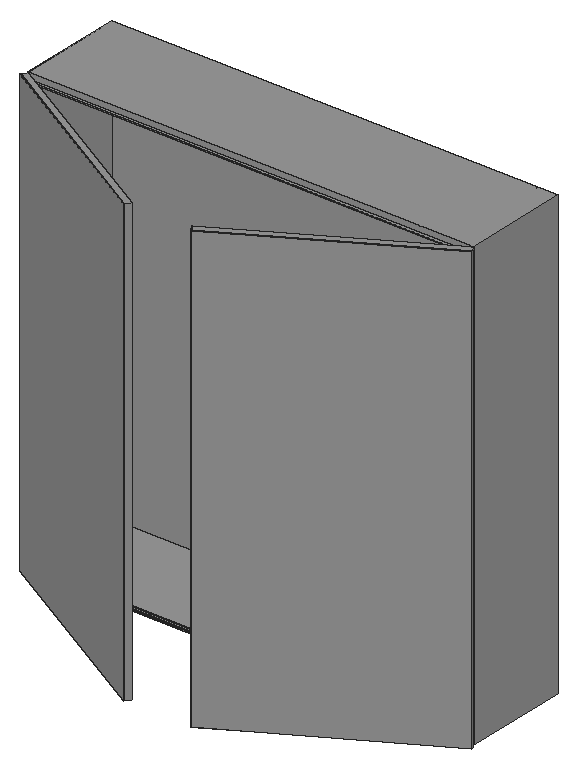
Revit family "Hager-Orion_Inox-IP55-D300-Cl.I-Inox_encl-630A-1200mm-NoHosted-CH-fr", category Equipement électrique, Revit 2020
Family settings
  Configuration du panneau = Deux colonnes, circuits au sein
  Cote de connecteur circulaire = Utiliser le diamètre
  Type d'élément = Tableau de raccordement
  Basée sur le plan de construction = Oui
  Toujours verticalement = Oui
  Couper avec des vides une fois chargée = Non
  Partagée = Non
  Point de calcul de pièce = Non
Parameters (values of type "saillie IP55 L1200 H1200 P300  - FL060BWL")
  Width Control [instance] = if([EF000008 - largeur] > Min Width, [EF000008 - largeur], Min Width)  # 1200 mm
  Commentaires du type = [HG000003 - Gamme]  # "Orion Inox"
  Thickness Door [instance] = if([EF009171 - épaisseur de matériau de la porte/du couvercle] > 3 mm, 3 mm, [EF009171 - épaisseur de matériau de la porte/du couvercle])  # 1.5 mm
  Seal Frame Offset [instance] = 17 mm  # constant formula
  Min Width [instance] = 100 mm  # constant formula
  Min Depth [instance] = (2 * [EF009170 - épaisseur de matériau du boîtier]) + 1 mm  # 4 mm
  Min Height [instance] = 100 mm  # constant formula
  Internal Frame Depth [instance] = -(Door System Depth * 0.5)  # -9 mm
  Panel Name [instance] = ""  # (empty or 0)
  Model = ""
  HG000027 - Hauteur du socle = 0 mm
  HG000026 - Installation au sol = no
  HG000024 - Hauteur de la section basse = 600 mm
  HG000023 - Armoire double section = no
  HG000016 - Visibilité de la porte 3D [instance] = yes
  HG000015 - Visibilité de l'emprise de la porte [instance] = no
  HG000014 - Porte à droite [instance] = yes
  HG000013 - Porte à gauche [instance] = not([HG000014 - Porte à droite])  # no
  HG000012 - Angle de pivotement de la porte [instance] = 30.00°
  HG000010 - Portes asymétriques = no
  HG000009 - Porte à double battant = yes
  HG000006 - Encastré = no
  HG000004 - Référence fabricant = "FL060BWL"
  HG000003 - Gamme = "Orion Inox"
  HG000002 - avec porte = yes
  Frame Offset Bottom [instance] = 10 mm  # constant formula
  Frame Offset [instance] = 15 mm  # constant formula
  EF015940 - couvercle avec décharge de pression = no
  EF011959 - degré de protection (NEMA) = ""
  EF009554 - nombre d'ouvertures pour plaques à bride = 0
  EF009212 - finition du couvercle = "EV000116 - fermé"
  EF009171 - épaisseur de matériau de la porte/du couvercle = 1.5 mm
  EF009170 - épaisseur de matériau du boîtier = 1.5 mm
  EF008873 - courant nominal (In) = 630 A
  EF007800 - adapté à un parafoudre = no
  EF006306 - avec serrure = yes
  EF006244 - couvercle/porte transparent(e) = no
  EF005474 - indice de protection (IP) = "EV006420 - IP55"
  EF004464 - type de porte = "EV003602 - double"
  EF004427 - nombre de modules = 0
  EF004293 - indice de protection contre les chocs (IK) = "EV008784 - IK10"
  EF003532 - convient pour utilisation à l’extérieur = yes
  EF002950 - largeur en nombre de modules = 0
  EF001613 - maintien de fonction = "EV000494 - sans"
  EF001596 - matériau du boîtier/corps = "EV000166 - acier inoxydable"
  EF001131 - profondeur intérieure = 266 mm
  EF001088 - possibilité de montage en saillie = yes
  EF000437 - nombre d'entrées de conduit = 0
  EF000339 - type de capot = "EV004216 - porte"
  EF000266 - nombre de rangées = 0
  EF000218 - profondeur d'encastrement = 0 mm
  EF000118 - avec cadre/support de montage = no
  EF000116 - numéro RAL = ""
  EF000049 - profondeur = 300 mm
  EF000040 - hauteur = 1200 mm
  EF000008 - largeur = 1200 mm
  EF000007 - couleur = "EV000154 - autre"
  EF000003 - mode de pose = "EV000384 - saillie"
  Door System Leaf Tolerance [instance] = 1.5 mm  # constant formula
  Door System Depth [instance] = 18 mm  # constant formula
  Description = ""
  Default Elevation = 1219.2 mm
  Connector Offset [instance] = Height Control / 2  # 600 mm
  Fabricant = "Hager"  # constant formula
  Height Control [instance] = if([EF000040 - hauteur] > Min Height, [EF000040 - hauteur], Min Height)  # 1200 mm
  Depth Control [instance] = if([EF000049 - profondeur] > Min Depth, [EF000049 - profondeur], Min Depth)  # 300 mm
Types (4, lengths in mm): name | Width Control | HG000004 - Référence fabricant | EF000008 - largeur
  saillie IP55 L1000 H1200 P300  - FL058BW | 1000 | "FL058BW" | 1000
  saillie IP55 L1000 H1200 P300  - FL058BWL | 1000 | "FL058BWL" | 1000
  saillie IP55 L1200 H1200 P300  - FL060BW | 1200 | "FL060BW" | 1200
  saillie IP55 L1200 H1200 P300  - FL060BWL | 1200 | "FL060BWL" | 1200
Reference planes
  plane 1 "Center (Front/Back)": y = 0
  plane 2: z = 0
  plane 3 "Center (Left/Right)": x = 0
  plane 4: y = 0
  plane 5: y = 0
  plane 6: z = 0
  plane 7: x = -600
  plane 8: x = 600
  plane 9: x = 598.5
  plane 10: x = -598.5
  plane 11: z = 0
  plane 12: z = 1.5
  plane 13: y = -300
  plane 14: y = -1.5
  plane 15: x = 0
  plane 16: y = -282
  plane 17: y = -298.5
  plane 18: y = -280.5
  plane 19: x = -583.5
  plane 20: x = 583.5
  plane 21: z = 11.5
  plane 22: x = -583
  plane 23: x = 583
  plane 24: z = 0
  plane 25: z = 1200
  plane 26: z = 1200
  plane 27: z = 1183.5
  plane 28: z = 1198.5
Forms (mm)
  Extrusion 1, solid, material "Hager_Stainless_Steel", detail levels medium+fine
    sketch origin (-208.679, -4572, 0) x (-1, 0, 0) y (0, -1, 0)
      loop
        line (391.321, -4290) -> (-808.679, -4290) -> (-808.679, -4572) -> (391.321, -4572) -> (391.321, -4290)
    from 0 to 1200
  Extrusion 2, void
    sketch origin (-350.771, -300, 1219.2) x (1, 0, 0) y (0, 0, 1)
      loop
        line (-247.729, -20.7) -> (-247.729, -1217.7) -> (949.271, -1217.7) -> (949.271, -20.7) -> (-247.729, -20.7)
    from -19.5 to -298.5
  Extrusion 3, void
    sketch origin (-290.084, -282, 1219.2) x (1, 0, 0) y (0, 0, 1)
      loop
        line (-293.416, -1207.7) -> (873.584, -1207.7) -> (873.584, -35.7) -> (-293.416, -35.7) -> (-293.416, -1207.7)
    from 0 to -1.5
  Extrusion 4, solid, material "Hager_Stainless_Steel", detail levels fine
    sketch origin (-290.084, -282, 1219.2) x (-1, 0, 0) y (0, 0, 1)
      loop
        line (-873.584, -1207.7) -> (293.416, -1207.7) -> (293.416, -35.7) -> (-873.584, -35.7) -> (-873.584, -1207.7)
      loop
        line (-875.084, -1209.2) -> (294.916, -1209.2) -> (294.916, -34.2) -> (-875.084, -34.2) -> (-875.084, -1209.2)
    from 0 to -9 <- "Internal Frame Depth"
  Extrusion 5, solid, material "Hager_Stainless_Steel", detail levels coarse
    sketch origin (0, 0, 0) x (1, 0, 0) y (0, 1, 0)
      loop
        line (-600, 0) -> (-600, -300) -> (600, -300) -> (600, 0) -> (-600, 0)
    from 0 to 1200 <- "Height Control"
Cuts and joins
  Extrusion 2, Extrusion 3 cuts Extrusion 1
Lines and regions (mm)
  Masking region 1
    outline origin (0, 0, 0) x (1, 0, 0) y (0, 1, 0)
      loop
        line (-600, 0) -> (-600, -300) -> (600, -300) -> (600, 0) -> (-600, 0)
  Masking region 2
    outline origin (-290.084, -282, 1219.2) x (-1, 0, 0) y (0, 0, 1)
      loop
        line (-890.084, -1219.2) -> (309.916, -1219.2) -> (309.916, -19.2) -> (-890.084, -19.2) -> (-890.084, -1219.2)
  Masking region 3, detail levels coarse
    outline origin (0, 0, 0) x (0, 1, 0) y (0, 0, 1)
      loop
        line (0, 0) -> (0, 1200) -> (-300, 1200) -> (-300, 0) -> (0, 0)
  Masking region 4, detail levels medium+fine
    outline origin (0, 0, 594.038) x (0, 1, 0) y (0, 0, 1)
      loop
        line (0, -594.038) -> (0, 605.962) -> (-282, 605.962) -> (-282, -594.038) -> (0, -594.038)
Dimensions and locks
  locked: plane 1 "Center (Front/Back)" to plane 5
  "EF009170 - épaisseur de matériau du boîtier": plane 7 to plane 10
  "EF009170 - épaisseur de matériau du boîtier": plane 8 to plane 9
  equal spacing: plane 7, plane 3 "Center (Left/Right)", plane 8
  "Width Control": plane 7 to plane 8
  "Depth Control": plane 4 to plane 13
  "EF009170 - épaisseur de matériau du boîtier": plane 4 to plane 14
  "Height Control": plane 25 to level
  "EF009170 - épaisseur de matériau du boîtier": plane 12 to plane 11
  "EF009170 - épaisseur de matériau du boîtier": plane 17 to plane 13
  "EF009170 - épaisseur de matériau du boîtier": plane 18 to plane 16
  "Frame Offset Bottom": plane 21 to plane 12
  "Frame Offset": plane 10 to plane 19
  "Frame Offset": plane 9 to plane 20
  "Door System Depth": plane 16 to plane 13
  "Seal Frame Offset": plane 7 to plane 22
  "Seal Frame Offset": plane 8 to plane 23
  "EF009170 - épaisseur de matériau du boîtier": plane 26 to plane 28
  "Frame Offset": plane 28 to plane 27
  "Connector Offset": plane 2 to connector elem
  "Thickness Door": cut or joined group of Extrusion 1, Extrusion 2, Extrusion 3 to Extrusion 4 sketch curve
  "Thickness Door": Extrusion 4 sketch curve to plane 19
  "Thickness Door": Extrusion 4 sketch curve to plane 20
  "Thickness Door": Extrusion 4 sketch curve to plane 27
  aligned and locked: Extrusion 2 sketch curve to plane 12
  aligned and locked: Extrusion 2 sketch curve to plane 9
  aligned and locked: Extrusion 2 sketch curve to plane 10
  aligned and locked: Extrusion 2 to plane 14
  aligned and locked: Extrusion 1 sketch curve to plane 4
  aligned and locked: plane 8 to Extrusion 1 sketch curve
  aligned and locked: plane 7 to Extrusion 1 sketch curve
  aligned and locked: Extrusion 2 to plane 18
  aligned and locked: Extrusion 3 sketch curve to plane 19
  aligned and locked: plane 20 to Extrusion 3 sketch curve
  aligned and locked: Extrusion 3 to Extrusion 2
  aligned and locked: Extrusion 3 sketch curve to plane 21
  aligned and locked: plane 3 "Center (Left/Right)" to nested 1
  aligned and locked: Extrusion 1 sketch curve to plane 16
  aligned and locked: Masking region 1 sketch curve to plane 7
  aligned and locked: Masking region 1 sketch curve to plane 5
  aligned and locked: Masking region 1 sketch curve to plane 8
  aligned and locked: Masking region 2 sketch curve to level
  aligned and locked: level to Masking region 3 sketch curve
  aligned and locked: plane 1 "Center (Front/Back)" to Masking region 3 sketch curve
  aligned and locked: plane 13 to Masking region 3 sketch curve
  aligned and locked: Masking region 2 sketch curve to plane 8
  aligned and locked: Masking region 2 sketch curve to plane 7
  aligned and locked: plane 7 to nested 2
  aligned and locked: nested 2 to plane 5
  aligned and locked: plane 5 to Masking region 4 sketch curve
  aligned and locked: plane 26 to Masking region 4 sketch curve
  aligned and locked: Extrusion 5 sketch curve to plane 8
  aligned and locked: Extrusion 5 sketch curve to plane 7
  aligned and locked: Extrusion 5 sketch curve to plane 5
  aligned and locked: Extrusion 3 sketch curve to plane 27
  aligned and locked: Extrusion 2 sketch curve to plane 28
  aligned and locked: Extrusion 4 sketch curve to plane 27
  aligned and locked: Extrusion 4 sketch curve to plane 20
  aligned and locked: Extrusion 4 sketch curve to plane 21
  aligned and locked: Extrusion 4 sketch curve to plane 19
  aligned and locked: Masking region 2 to plane 25
  aligned and locked: Masking region 4 sketch curve to plane 24
  aligned and locked: Masking region 1 to plane 13
  aligned and locked: nested 1 to plane 16
  aligned and locked: Masking region 3 to plane 25
  aligned and locked: Masking region 4 sketch curve to plane 16
  aligned and locked: plane 24 to plane 11
  aligned and locked: plane 26 to plane 25
  aligned and locked: level to plane 24
  aligned and locked: Extrusion 1 to Masking region 3
  aligned and locked: level to nested 1
Automatic sketch dimensions
  Extrusion 5 sketch curve to plane 13 = 0 mm
  plane 27 to Masking region 2 sketch curve = 16.5 mm
  plane 27 to Masking region 3 sketch curve = 16.5 mm
  Masking region 1 sketch curve to plane 13 = 0 mm
  Extrusion 3 sketch curve to plane 21 = 0 mm
  plane 19 to Extrusion 3 sketch curve = 0 mm
  Extrusion 3 sketch curve to plane 20 = 0 mm
Nested families
  nested 1: "EC000058_OrionInox_Door" at (0, -282, 0), Double <- "HG000009 - Porte à double battant", Transparent <- "EF006244 - couvercle/porte transparent(e)", Angle <- "HG000012 - Angle de pivotement de la porte", Door_Right <- "HG000014 - Porte à droite", Assymetrical <- "HG000010 - Portes asymétriques", Door <- "HG000002 - avec porte", Width_Ctrl <- "Width Control", 3d_Door <- "HG000016 - Visibilité de la porte 3D", Clearance <- "HG000015 - Visibilité de l'emprise de la porte", Door_Left <- "HG000013 - Porte à gauche", Width <- "Width Control", Door_Depth <- "Door System Depth", Leaf_Tolerance <- "Door System Leaf Tolerance", Height <- "Height Control", Thickness <- "Thickness Door", type "EC000058_OrionInox_Door", detail levels medium+fine
    with min_wh 4 mm, Width_Ctrl 1200 mm, Width 1200 mm, Transparent no, Thickness 1.5 mm, Seal_Material Hager_Rubber, Leaf_Width 1200 mm, Leaf_Tolerance_External_Sides 0 mm, Leaf_Tolerance 1.5 mm, Leaf_Offset 0 mm, Leaf_Height 1197 mm, Leaf_2_Width 598.5 mm, Leaf_2_Offset 300 mm, Leaf_1_Width 598.5 mm, Leaf_1_Offset 300 mm, Height_Ctrl 1200 mm, Height 1200 mm, Glass_Material Hager_Glass, Double_Clearance_Ctrl no, Double yes, Door_Right_Ctrl yes, Door_Right yes, Door_Material Hager_Stainless_Steel, Door_Left_Ctrl yes, Door_Left no, Door_Depth 18 mm, Door yes, Clearance_Material Hager_Clearance, Clearance_Depth 598.5 mm, Clearance_Ctrl no, Clearance no, Assymetrical no, Angle 30.00°, 3d_Door yes
  nested 2: "Hager_Enclosure_Symbol" at (-600, 0, 0), Height <- "Depth Control", Width <- "Width Control", type "Hager_Enclosure_Symbol"
    with Width_Ctrl 1200 mm, Width 1200 mm, Height_Ctrl 300 mm, Height 300 mm, A_Width_Int 19.688 mm, A_Width 236.25 mm, A_Height_Ctrl 262.5 mm, A_Height 262.5 mm
Connectors
  electrical at (0, 0, 600)
    settings: on plane 1 "Center (Front/Back)", index 1, voltage 0 V, apparent load 0 VA, apparent load phase1 0 VA, apparent load phase2 0 VA, apparent load phase3 0 VA, power factor 1, load classification "Other", number of poles 1, system type 30, power factor state 1, is connector primary yes, connector utility no, sub classification motor no, connector description ""
Definition of nested family "EC000058_OrionInox_Door"
  Parameters (values of type "EC000058_OrionInox_Door")
    min_wh [instance] = (2 * Thickness) + 1 mm  # 11 mm
    Width_Ctrl [instance] = 400 mm
    Width [instance] = 500 mm
    Transparent [instance] = yes
    Thickness [instance] = 5 mm
    Seal_Material [instance] = none
    Leaf_Width [instance] = if((Width_Ctrl - 2 * Leaf_Tolerance_External_Sides) > 0 mm, (Width_Ctrl - 2 * Leaf_Tolerance_External_Sides), min_wh)  # 400 mm
    Leaf_Tolerance_External_Sides [instance] = 0 mm  # constant formula
    Leaf_Tolerance [instance] = 1.5 mm
    Leaf_Offset [instance] = 0 mm  # constant formula
    Leaf_Height [instance] = if((Height_Ctrl - 2 * Leaf_Tolerance) > 0 mm, (Height_Ctrl - 2 * Leaf_Tolerance), min_wh)  # 497 mm
    Leaf_2_Width [instance] = if(and(and(Double, Assymetrical), Door_Left), (Leaf_Width / 3) - (Leaf_Tolerance / 2), if(and(and(Double, Assymetrical), Door_Right), (Leaf_Width / 3) * 2 - (Leaf_Tolerance / 2), if(and(Double, not(Assymetrical)), (Leaf_Width / 2) - Leaf_Tolerance, Leaf_Width)))  # 400 mm
    Leaf_2_Offset [instance] = if(and(Double, Assymetrical), Leaf_2_Width / 2, if(and(Double, not(Assymetrical)), Leaf_Width / 4, Leaf_Width / 2))  # 200 mm
    Leaf_1_Width [instance] = if(and(and(Double, Assymetrical), Door_Right), (Leaf_Width / 3) - (Leaf_Tolerance / 2), if(and(and(Double, Assymetrical), Door_Left), (Width / 3) * 2 - (Leaf_Tolerance / 2), if(and(Double, not(Assymetrical)), (Leaf_Width / 2) - Leaf_Tolerance, Leaf_Width)))  # 400 mm
    Leaf_1_Offset [instance] = if(and(Double, Assymetrical), Leaf_1_Width / 2, if(and(Double, not(Assymetrical)), Leaf_Width / 4, Leaf_Width / 2))  # 200 mm
    Height_Ctrl [instance] = if(Height > min_wh, Height, min_wh)  # 500 mm
    Height [instance] = 500 mm
    Glass_Material [instance] = none
    Double_Clearance_Ctrl [instance] = and(Double, Clearance)  # no
    Double [instance] = no
    Door_Right_Ctrl [instance] = and(or(Door_Right, Double), Door)  # yes
    Door_Right [instance] = yes
    Door_Material [instance] = none
    Door_Left_Ctrl [instance] = and(or(Door_Left, Double), Door)  # no
    Door_Left [instance] = no
    Door_Depth [instance] = 30 mm
    Door [instance] = yes
    Default Elevation = 1219.2 mm
    Clearance_Material [instance] = none
    Clearance_Depth [instance] = if(Leaf_1_Width > Leaf_2_Width, Leaf_1_Width, Leaf_2_Width)  # 400 mm
    Clearance_Ctrl [instance] = and(not(Double), Clearance)  # yes
    Clearance [instance] = yes
    Assymetrical [instance] = yes
    Angle [instance] = 30.00°
    3d_Door [instance] = yes
  Reference planes
    plane 1 "Center (Front/Back)": y = 0
    plane 2 "Bottom": z = 0
    plane 3 "Center (Left/Right)": x = 0
    plane 4: z = 500
    plane 5: x = -200
    plane 6: x = 200
    plane 7: z = 500
    plane 8: x = -200
    plane 9: z = 0
    plane 10: x = 200
    plane 11: y = 0
    plane 12: z = 1.5
    plane 13: x = -600
    plane 14: y = -400
    plane 15: x = 600
    plane 16: x = 0
    plane 17: x = 0
    plane 18: x = -200
    plane 19: x = 200
    plane 20: z = 498.5
  Forms (mm)
    Extrusion 1, solid, material <- "Clearance_Material", visible <- "Double_Clearance_Ctrl"
      sketch origin (1200, 0, 0) x (1, 0, 0) y (0, 0, -1)
        loop
          line (-1800, -498.5) -> (-600, -498.5) -> (-600, 0) -> (-1800, 0) -> (-1800, -498.5)
      from 0 to -400
  Dimensions and locks
    equal spacing: plane 5, plane 3 "Center (Left/Right)", plane 6
    "Width_Ctrl": plane 5 to plane 6
    "Leaf_Offset": plane 5 to plane 8
    "Leaf_Offset": plane 6 to plane 10
    "Leaf_Offset": plane 9 to level
    "Leaf_Offset": plane 4 to plane 7
    "Height_Ctrl": plane 4 to level
    "Leaf_Tolerance": plane 12 to plane 9
    locked: plane 11 to plane 1 "Center (Front/Back)"
    "Leaf_1_Offset": plane 18 to plane 16
    "Leaf_2_Offset": plane 17 to plane 19
    "Leaf_1_Width": plane 13 to plane 8
    "Leaf_2_Width": plane 10 to plane 15
    "Clearance_Depth": plane 14 to plane 1 "Center (Front/Back)"
    "Leaf_Tolerance_External_Sides": plane 8 to plane 18
    "Leaf_Tolerance_External_Sides": plane 19 to plane 10
    "Leaf_Tolerance": plane 7 to plane 20
    aligned and locked: level to plane 2 "Bottom"
    aligned and locked: nested 1 to plane 16
    aligned and locked: nested 2 to plane 17
    aligned and locked: Extrusion 1 to plane 13
    aligned and locked: plane 15 to Extrusion 1
    aligned and locked: Extrusion 1 to plane 14
    aligned and locked: plane 12 to nested 1
    aligned and locked: nested 2 to plane 12
    aligned and locked: Extrusion 1 to plane 11
    aligned and locked: plane 20 to Extrusion 1
    aligned and locked: nested 2 to plane 11
    aligned and locked: nested 1 to plane 11
  Automatic sketch dimensions
    Extrusion 1 sketch curve to level = 0 mm
    plane 5 to Extrusion 1 sketch curve = 400 mm
    plane 6 to Extrusion 1 sketch curve = 400 mm
    Extrusion 1 sketch curve to plane 4 = 1.5 mm
  Nested families
    nested 1: "EC000058_OrionInox_Door_Leaf" at (0, 0, 1.5), Width <- "Leaf_1_Width", visible <- "Door_Left_Ctrl", Leaf_Height <- "Leaf_Height", Angle <- "Angle", 3d_Door <- "3d_Door", Transparent <- "Transparent", Clearance Material <- "Clearance_Material", Clearance <- "Clearance_Ctrl", Door_Material <- "Door_Material", Glass_Material <- "Glass_Material", Door_Depth <- "Door_Depth", Seal_Material <- "Seal_Material", Thickness <- "Thickness", type "EC000058_OrionInox_Door_Leaf"
      with Width 400 mm, Transparent_Ctrl yes, Transparent yes, Thickness 5 mm, Standard no, Seal_Material none, Seal_D2 8 mm, Seal_D1 1 mm, Offset_Internal_Frame 10 mm, Lock_Width 28 mm, Lock_Thickness 2 mm, Lock_Radius 6 mm, Leaf_Height 497 mm, Internal_Seal_Thickness 8 mm, Internal_Seal_Depth_2 4.5 mm, Internal_Frame_Depth 25 mm, Glass_Thickness -1 mm, Glass_Offset -2 mm, Glass_Material none, Door_Material none, Door_Depth 30 mm, Clearance Material none, Clearance yes, Angle_Ctrl 30.00°, Angle 30.00°, 3d_Door yes
    nested 2: "EC000058_OrionInox_Door_Leaf" at (0, 0, 1.5) x (-1, 0, 0) z (0, 0, 1), Width <- "Leaf_2_Width", visible <- "Door_Right_Ctrl", Leaf_Height <- "Leaf_Height", Angle <- "Angle", 3d_Door <- "3d_Door", Transparent <- "Transparent", Clearance Material <- "Clearance_Material", Clearance <- "Clearance_Ctrl", Door_Material <- "Door_Material", Glass_Material <- "Glass_Material", Door_Depth <- "Door_Depth", Seal_Material <- "Seal_Material", Thickness <- "Thickness", type "EC000058_OrionInox_Door_Leaf"
      with Width 400 mm, Transparent_Ctrl yes, Transparent yes, Thickness 5 mm, Standard no, Seal_Material none, Seal_D2 8 mm, Seal_D1 1 mm, Offset_Internal_Frame 10 mm, Lock_Width 28 mm, Lock_Thickness 2 mm, Lock_Radius 6 mm, Leaf_Height 497 mm, Internal_Seal_Thickness 8 mm, Internal_Seal_Depth_2 4.5 mm, Internal_Frame_Depth 25 mm, Glass_Thickness -1 mm, Glass_Offset -2 mm, Glass_Material none, Door_Material none, Door_Depth 30 mm, Clearance Material none, Clearance yes, Angle_Ctrl 30.00°, Angle 30.00°, 3d_Door yes
  Definition of nested family "EC000058_OrionInox_Door_Leaf"
    Parameters (values of type "EC000058_OrionInox_Door_Leaf")
      Width [instance] = 450 mm
      Transparent_Ctrl [instance] = and(Transparent, [3d_Door])  # yes
      Transparent [instance] = yes
      Thickness [instance] = 5 mm
      Standard [instance] = and(not(Transparent), [3d_Door])  # no
      Seal_Material [instance] = none
      Seal_D2 [instance] = 8 mm  # constant formula
      Seal_D1 [instance] = 1 mm  # constant formula
      Offset_Internal_Frame [instance] = 10 mm  # constant formula
      Lock_Width [instance] = Door_Depth - Lock_Thickness  # 28 mm
      Lock_Thickness [instance] = 2 mm  # constant formula
      Lock_Radius [instance] = 6 mm  # constant formula
      Leaf_Height [instance] = 450 mm
      Internal_Seal_Thickness [instance] = 8 mm  # constant formula
      Internal_Seal_Depth_2 [instance] = 4.5 mm  # constant formula
      Internal_Frame_Depth [instance] = if(Door_Depth - Thickness > 5 mm, Door_Depth - Thickness, 5 mm)  # 25 mm
      Glass_Thickness [instance] = if(Thickness > 15 mm, Glass_Offset + 10 mm, -1 mm)  # -1 mm
      Glass_Offset [instance] = if(Thickness > 15 mm, -(Thickness + 10 mm) / 2, -2 mm)  # -2 mm
      Glass_Material [instance] = none
      Door_Material [instance] = none
      Door_Depth [instance] = 30 mm
      Default Elevation = 0 mm
      Clearance Material [instance] = none
      Clearance [instance] = yes
      Angle_Ctrl [instance] = if(Angle > 180.00°, 180.00°, Angle)  # 90.00°
      Angle [instance] = 90.00°
      3d_Door [instance] = yes
    Reference planes
      plane 1 "Center (Front/Back)": y = 0
      plane 2: z = 0
      plane 3 "Center (Left/Right)": x = 0
      plane 4: y = 450
      plane 5: x = -225
      plane 6: x = 225
      plane 7: x = -675
      plane 8: z = 450
      plane 9: z = 30
      plane 10: z = 420
      plane 11: x = 195
      plane 12: x = -195
      plane 13: y = -3
      plane 14: z = 107.833
      plane 15: y = -5
      plane 16: y = -223.314
      plane 17: x = -225
      plane 18: y = 30
    Forms (mm)
      Extrusion 1, solid, material <- "Clearance Material", visible <- "Clearance"
        sketch origin (0, 0, 0) x (1, 0, 0) y (0, 0, 1)
          loop
            line (-675, 450) -> (-675, 0) -> (225, 0) -> (225, 450) -> (-675, 450)
        from 0 to -450
      Extrusion 2, solid, material <- "Door_Material", visible <- "Standard", detail levels medium+fine
        sketch origin (-225, 0, 0) x (0, 1, 0) y (-1, 0, 0)
          loop
            line (0, 30) -> (0, 25) -> (450, 25) -> (450, 30) -> (0, 30)
        from 0 to 450 <- "Leaf_Height"
      Extrusion 3, solid, material <- "Door_Material", visible <- "Transparent_Ctrl", detail levels medium+fine
        sketch origin (-225, 0, 0) x (0, 1, 0) y (-1, 0, 0)
          loop
            line (0, 25) -> (450, 25) -> (450, 30) -> (0, 30) -> (0, 25)
        from 0 to 450 <- "Leaf_Height"
      Extrusion 4, void
        sketch origin (-250, 450, 0) x (0, 1, 0) y (0, 0, -1)
          loop
            line (-30, -420) -> (-30, -30) -> (-420, -30) -> (-420, -420) -> (-30, -420)
        from 0 to 5 <- "Thickness"
      Sweep 5, solid, material <- "Seal_Material", visible <- "Transparent_Ctrl", detail levels fine
        path in 3D
          loop
            line (-250, 30, 30) -> (-250, 30, 420) -> (-250, 420, 420) -> (-250, 420, 30) -> (-250, 30, 30)
        profile origin (-250, 225, 30) x (1, 0, 0) y (0, 0, 1)
          loop
            line (0, 0) -> (0, -8) -> (1, -8) -> (1, 0) -> (0, 0)
      Extrusion 6, solid, material <- "Glass_Material", visible <- "Transparent_Ctrl", detail levels medium+fine
        sketch origin (-255, 0, 0) x (0, 1, 0) y (0, 0, -1)
          loop
            line (420, -420) -> (420, -30) -> (30, -30) -> (30, -420) -> (420, -420)
        from -2 <- "Glass_Offset" to -1 <- "Glass_Thickness"
      Extrusion 7, solid, material <- "Door_Material", visible <- "3d_Door", detail levels medium+fine
        sketch origin (-250, 450, 0) x (0, -1, 0) y (0, 0, -1)
          loop
            line (0, -450) -> (450, -450) -> (450, 0) -> (0, 0) -> (0, -450)
          loop
            line (445, -5) -> (5, -5) -> (5, -445) -> (445, -445) -> (445, -5)
        from 0 to 25 <- "Internal_Frame_Depth"
      Sweep 8, solid, material <- "Seal_Material", visible <- "Transparent_Ctrl", detail levels fine
        path in 3D
          loop
            line (-250, 0, 0) -> (-250, 450, 0) -> (-250, 450, 450) -> (-250, 0, 450) -> (-250, 0, 0)
        profile origin (-250, 0, 225) x (1, 0, 0) y (0, 1, 0)
          loop
            line (0, 10) -> (2.975, 10)
            arc (2.975, 10) -> (4.053, 10.447) -> (4.5, 11.525) r 1.525
            line (4.5, 11.525) -> (4.5, 16.527)
            arc (4.5, 16.527) -> (4.069, 17.569) -> (3.027, 18) r 1.473
            line (3.027, 18) -> (0, 18) -> (0, 10)
    Cuts and joins
      Extrusion 4 cuts Extrusion 3
    Lines and regions (mm)
      Masking region 1, detail levels medium+fine
        outline origin (0, 0, 0) x (0, 1, 0) y (0, 0, 1)
          loop
            line (0, 0) -> (30, 0) -> (30, 450) -> (0, 450) -> (0, 0)
      Masking region 2, detail levels medium+fine
        outline origin (0, 0, 0) x (1, 0, 0) y (0, 0, 1)
          loop
            line (-225, 450) -> (-225, 0) -> (225, 0) -> (225, 450) -> (-225, 450)
      symbolic lines
        curve 1: line (225, 0, 0) -> (-675, 0, 0)
        curve 2: arc (225, 0, 0) -> (-225, 450, 0) -> (-675, 0, 0) r 450
        curve 4: line (-255, 0, 0) -> (-255, 450, 0)
      reference lines
        curve 3: line (-225, 0, 0) -> (-225, 450, 0)
      symbolic lines, detail levels medium+fine
        curve 5: line (-255, 450, 0) -> (-250, 450, 0)
        curve 7: line (-250, 0, 0) -> (-255, 0, 0)
        curve 8: line (-250, 0, 0) -> (-225, 0, 0)
        curve 9: line (-225, 0, 0) -> (-225, 450, 0)
        curve 10: line (-225, 450, 0) -> (-250, 450, 0)
      symbolic lines, detail levels fine
        curve 6: line (-250, 450, 0) -> (-250, 0, 0)
      sketch lines
        curve 11: line (-250, 0, 450) -> (-250, 0, 0)
        curve 12: line (-250, 450, 0) -> (-250, 0, 0)
        curve 13: line (-250, 450, 450) -> (-250, 450, 0)
        curve 14: line (-250, 0, 450) -> (-250, 450, 450)
        curve 15: line (-250, 420, 30) -> (-250, 30, 30)
        curve 16: line (-250, 30, 30) -> (-250, 30, 420)
        curve 17: line (-250, 420, 420) -> (-250, 420, 30)
        curve 18: line (-250, 30, 420) -> (-250, 420, 420)
      symbolic lines, visible <- "Transparent", detail levels medium+fine
        curve 19: line (-195, 0, 420) -> (195, 0, 420)
        curve 20: line (-195, 0, 30) -> (-195, 0, 420)
        curve 21: line (195, 0, 30) -> (-195, 0, 30)
        curve 22: line (195, 0, 420) -> (195, 0, 30)
    Dimensions and locks
      "Width": plane 1 "Center (Front/Back)" to plane 4
      equal spacing: plane 5, plane 3 "Center (Left/Right)", plane 6
      "Width": plane 5 to plane 6
      "Width": plane 7 to plane 5
      "Leaf_Height": plane 8 to level
      "Width": curve 5 to curve 3
      "Width": curve 3 to curve 3
      plane 8 to plane 10 = 30 mm
      plane 9 to level = 30 mm
      plane 12 to plane 5 = 30 mm
      plane 6 to plane 11 = 30 mm
      Extrusion 4 sketch curve to Extrusion 3 = 30 mm
      Extrusion 3 to Extrusion 4 sketch curve = 30 mm
      Extrusion 1 to Extrusion 4 sketch curve = 30 mm
      curve 3 to Extrusion 4 sketch curve = 30 mm
      Extrusion 4 sketch curve to cut or joined group of Extrusion 3, Extrusion 4 = 30 mm
      cut or joined group of Extrusion 3, Extrusion 4 to Extrusion 6 sketch curve = 30 mm
      cut or joined group of Extrusion 3, Extrusion 4 to Extrusion 4 sketch curve = 30 mm
      "Thickness": curve 6 to curve 4
      "Thickness": Extrusion 7 sketch curve to Extrusion 7 sketch curve  (x4)
      "Door_Depth": curve 4 to curve 3
      "Offset_Internal_Frame": profile plane to Sweep 8 sketch curve
      "Internal_Seal_Thickness": Sweep 8 sketch curve to Sweep 8 sketch curve
      "Internal_Seal_Depth_2": profile plane to Sweep 8 sketch curve
      "Seal_D1": profile plane to Sweep 5 sketch curve
      "Seal_D2": profile plane to Sweep 5 sketch curve
      "Thickness": Extrusion 2 sketch curve to Extrusion 2 sketch curve
      "Door_Depth": plane 18 to plane 1 "Center (Front/Back)"
      radius of Sweep 8 sketch curve = 1.525 mm
      radius of Sweep 8 sketch curve = 1.473 mm
      "Angle_Ctrl": angle plane 1 "Center (Front/Back)" to curve 3
      aligned and locked: level to plane 2
      aligned and locked: Extrusion 1 to curve 1
      aligned and locked: plane 6 to Extrusion 1
      aligned and locked: plane 1 "Center (Front/Back)" to Extrusion 1
      aligned and locked: plane 4 to Extrusion 1
      aligned and locked: plane 8 to Extrusion 1
      aligned and locked: curve 7 to Extrusion 2 sketch curve
      aligned and locked: curve 5 to Extrusion 2 sketch curve
      aligned and locked: curve 7 to Extrusion 3 sketch curve
      aligned and locked: Extrusion 3 sketch curve to curve 4
      aligned and locked: Extrusion 3 sketch curve to curve 6
      aligned and locked: Extrusion 3 sketch curve to curve 5
      aligned and locked: curve 9 to curve 3
      aligned and locked: Extrusion 7 sketch curve to cut or joined group of Extrusion 3, Extrusion 4  (x4)
      aligned and locked: plane 17 to curve 3
      aligned and locked: plane 1 "Center (Front/Back)" to curve 3
      aligned and locked: plane 17 to plane 5
      aligned and locked: Sweep 8 sketch curve to profile plane
      aligned and locked: Sweep 5 sketch curve to profile plane  (x2)
      aligned and locked: plane 1 "Center (Front/Back)" to Masking region 1 sketch curve
      aligned and locked: plane 18 to Masking region 1 sketch curve
      aligned and locked: level to Masking region 1 sketch curve
      aligned and locked: Masking region 1 sketch curve to plane 8
      aligned and locked: plane 17 to Masking region 2 sketch curve
      aligned and locked: level to Masking region 2 sketch curve
      aligned and locked: Masking region 2 sketch curve to plane 8
      aligned and locked: plane 12 to curve 20
      aligned and locked: plane 10 to curve 19
      aligned and locked: plane 11 to curve 22
      aligned and locked: plane 9 to curve 21
      aligned and locked: Extrusion 2 sketch curve to cut or joined group of Extrusion 3, Extrusion 4
    Automatic sketch dimensions
      plane 1 "Center (Front/Back)" to curve 2 = 0 mm
      curve 2 to plane 5 = 0 mm
      Extrusion 1 sketch curve to level = 0 mm
      Extrusion 1 sketch curve to plane 7 = 0 mm
      Extrusion 1 sketch curve to plane 6 = 0 mm
      Extrusion 1 sketch curve to plane 8 = 0 mm
      Extrusion 3 to Extrusion 6 sketch curve = 30 mm  (x4)
      Masking region 2 sketch curve to plane 6 = 0 mm
      curve 4 to curve 3 = 0 mm
Definition of nested family "Hager_Enclosure_Symbol"
  Parameters (values of type "Hager_Enclosure_Symbol")
    Width_Ctrl [instance] = if(Width > 1 mm, Width, 1 mm)  # 102.27 mm
    Width [instance] = 102.27 mm
    Height_Ctrl [instance] = if(Height > 1 mm, Height, 1 mm)  # 66.5 mm
    A_Width_Int [instance] = if(A_Width / 12 > 2 mm, A_Width / 12, 2 mm)  # 4.364 mm
    A_Width [instance] = if(A_Height_Ctrl * 0.9 > 2 mm, A_Height_Ctrl * 0.9, 2 mm)  # 52.369 mm
    A_Height_Ctrl [instance] = if(A_Height > 2 mm, A_Height, 2 mm)  # 58.188 mm
    Height [instance] = 66.5 mm
    A_Height [instance] = Height - (Height / 8)  # 58.188 mm
  Reference planes
    plane 1 "Centre (avant/arrière)": y = 0
    plane 2: z = 0
    plane 3 "Centre (gauche/droite)": x = 0
    plane 4: x = 52.369
    plane 5: y = 33.042
    plane 6: y = 41.77
    plane 7: y = 66.5
    plane 8: x = 26.184
    plane 9: y = 37.406
    plane 10: x = 102.27
    plane 11: y = 66.5
    plane 12: y = 8.313
  Lines and regions (mm)
    Filled region 1, type "Solid_Black", in view "Niveau de réf."
      outline origin (0, 0, 0) x (1, 0, 0) y (0, 1, 0)
        loop
          line (52.369, 66.5) -> (33.188, 54.536) -> (45.365, 45.006) -> (52.369, 66.5)
    Filled region 2, type "Solid_Black", in view "Niveau de réf."
      outline origin (0, 0, 0) x (1, 0, 0) y (0, 1, 0)
        loop
          line (0, 0) -> (102.27, 0) -> (102.27, 66.5) -> (0, 0)
    detail lines, in view "Niveau de réf."
      curve 1: line (0, 8.313, 0) -> (26.184, 41.77, 0)
      curve 2: line (26.184, 41.77, 0) -> (26.184, 33.042, 0)
      curve 3: line (26.184, 33.042, 0) -> (52.369, 66.5, 0)
  Dimensions and locks
    "A_Width": plane 3 "Centre (gauche/droite)" to plane 4
    equal spacing: plane 3 "Centre (gauche/droite)", plane 8, plane 4
    equal spacing: plane 6, plane 9, plane 5
    equal spacing: curve 3, Filled region 1 sketch curve, Filled region 1 sketch curve
    "Height_Ctrl": plane 1 "Centre (avant/arrière)" to plane 11
    "A_Height_Ctrl": plane 11 to plane 12
    equal spacing: plane 11, plane 9, plane 12
    "A_Width_Int": plane 6 to plane 9
    "Width_Ctrl": plane 3 "Centre (gauche/droite)" to plane 10
    angle Filled region 1 sketch curve to curve 3 = 20.00°
    angle curve 3 to Filled region 1 sketch curve = 20.00°
    locked: curve 3 to Filled region 1 sketch curve (angle 90.00°)
    aligned and locked: plane 10 to Filled region 2
    aligned and locked: plane 11 to Filled region 2 sketch curve
    aligned and locked: plane 10 to Filled region 2 sketch curve
    aligned and locked: plane 3 "Centre (gauche/droite)" to curve 1
    aligned and locked: plane 12 to curve 1
    aligned and locked: plane 7 to plane 11
  Automatic sketch dimensions
    Filled region 1 sketch curve to plane 4 = 0 mm
    Filled region 1 sketch curve to plane 7 = 0 mm
    plane 1 "Centre (avant/arrière)" to Filled region 2 sketch curve = 0 mm
    Filled region 2 sketch curve to plane 3 "Centre (gauche/droite)" = 0 mm
    curve 2 to plane 6 = 0 mm
    curve 2 to plane 8 = 0 mm
    curve 3 to plane 4 = 0 mm
    curve 2 to plane 5 = 0 mm
    curve 3 to plane 7 = 0 mm
